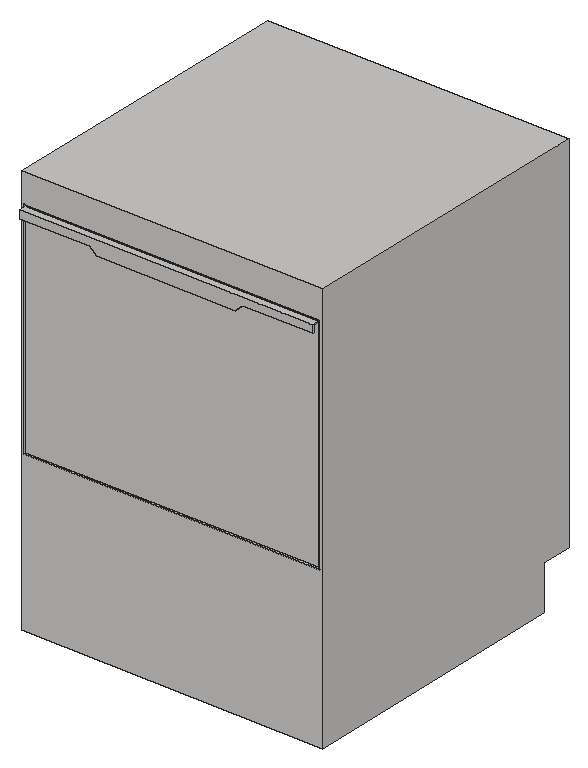
Revit family "QF_ELECTROLUXPROFESSIONAL_400209_ELA1W", category Specialty Equipment, Revit 2018
Family settings
  Round Connector Dimension = Use Diameter
  Part Type = Normal
  Work Plane-Based = No
  Always vertical = Yes
  Cut with Voids When Loaded = No
  Shared = No
  Room Calculation Point = No
Parameters
  Weight = 54.00 kg
  Watts = 0 W
  Volts = 0 V
  URL Manufacturer = ""
  URL = "http://professional.electrolux.com/"
  Steam Supply Size = 0 mm
  Steam Supply Minimum Pressure = 0.0 Pa
  Steam Supply Maximum Pressure = 0.0 Pa
  Steam Pounds per Hour = 0
  Show Logo [instance] = yes
  Show Clearance [instance] = yes
  Refrigeration Suction Line Size = 0 mm
  Refrigeration Liquid Line Size = 0 mm
  Refrigerant Compressor Remote = yes
  Manufacturer = ""
  Phase = 0
  Model = ""
  Length Actual = 600 mm  # constant formula
  Item Number = ""
  Hot Water Size = 0 mm
  Height Actual = 820 mm  # constant formula
  HP = "4.9 HP"
  Gas Size = 0 mm
  Gas KW = 0
  Gas Input Pressure = 0 W
  Direct Waste Size = 40 mm
  Description = ""
  Depth Actual = 648 mm  # constant formula
  Cycle = 0 Hz
  Condensate Return Size = 0 mm
  Compressed Air Volume = 0.0 L/s
  Compressed Air Size = 0 mm
  Compressed Air Pressure = 0.0 Pa
  Cold Water Size = 0 mm
  Accessory = yes
Types (2, lengths in mm): name | Volts | URL Manufacturer | URL | Manufacturer | Phase | Model | Item Number | Hot Water Size | Description | Cycle
  (no name) | 0 V | "" | "http://professional.electrolux.com/" | "" | 0 | "" | "" | 0 | "" | 0 Hz
  Standard | 230 V | "http://professional.electrolux.com" | "http://professional.electrolux.com" | "Electrolux Professional" | 1 | "ELA1W" | "400209" | 19.05 | "UNDERCOUNTER(L), WASH-SAFE, 1PH, WS, 540D/H" | 50 Hz
Reference planes
  plane 1 "Center (Front/Back)": y = 0
  plane 2: z = 0
  plane 3 "Center (Left/Right)": x = 0
  plane 4 "LEFT": x = -300
  plane 5 "RIGHT": x = 300
  plane 6 "FRONT": y = -306
  plane 7 "BACK": y = 306
  plane 8: x = -202.5
  plane 9: x = 202.5
  plane 10: z = 830
  plane 11: z = 10
Forms (mm)
  Extrusion 1, solid, material "QF_Finishes_Stainless Steel"
    sketch origin (0, 0, 0) x (1, 0, 0) y (0, 1, 0)
      loop
        line (-300, -306) -> (300, -306) -> (300, 245) -> (-300, 245) -> (-300, -306)
    from 10 to 830
  Extrusion 2, solid, material "QF_Finishes_Stainless Steel"
    sketch origin (0, 0, 0) x (1, 0, 0) y (0, 1, 0)
      loop
        line (-300, 245) -> (300, 245) -> (300, 306) -> (-300, 306) -> (-300, 245)
    from 100 to 830
  Extrusion 3, solid, material "QF_Finishes_Stainless Steel"
    sketch origin (0, 17.5, 0) x (1, 0, 0) y (0, 1, 0)
      loop
        circle (-254, 167.5) r 12.5
      loop
        circle (254, 167.5) r 12.5
      loop
        circle (-254, -263.5) r 12.5
      loop
        circle (254, -263.5) r 12.5
    from 0 to 10
  Extrusion 4, void
    sketch origin (-300, -306, 0) x (-1, 0, 0) y (0, 0, 1)
      loop
        line (-5, 773.217) -> (-595, 773.217) -> (-595, 327.335) -> (-5, 327.335) -> (-5, 773.217)
    from 0 to 30
  Extrusion 5, solid, material "QF_Finishes_Stainless Steel"
    sketch origin (-259, -389, 768) x (0, 0, -1) y (1, 0, 0)
      loop
        circle (693, 143) r 10
    from -634 to -695
  Extrusion 6, solid, material "QF_Door-Drawer Clearances", visible <- "Show Clearance", detail levels coarse
    sketch origin (-230, -282.5, 0) x (0, 1, 0) y (0, 0, -1)
      loop
        line (-23.5, -330.419) -> (-391.5, -330.419)
        arc (-391.5, -330.419) -> (-290.693, -619.855) -> (-23.5, -770) r 432.894
        line (-23.5, -770) -> (-23.5, -330.419)
    from 61.197 to -521.306
  Extrusion 7, solid, material "QF_Finishes_Stainless Steel"
    sketch origin (-315.481, -389, 738) x (0, 0, -1) y (1, 0, 0)
      loop
        circle (663, 252.481) r 8
    from -634 to -695
  Extrusion 8, solid, material "QF_Finishes_Stainless Steel"
    sketch origin (-230, -282.5, 0) x (0, 1, 0) y (0, 0, -1)
      loop
        line (-23.5, -330.419) -> (-23.5, -770) -> (1.5, -770) -> (1.5, -330.419) -> (-23.5, -330.419)
    from 61.197 to -521.306
  Extrusion 9, solid, material "QF_Finishes_Stainless Steel"
    sketch origin (-230, -297.5, 0) x (0, 1, 0) y (0, 0, -1)
      loop
        line (-8.5, -770) -> (-8.5, -767.514) -> (-21, -767.514) -> (-21, -741.25) -> (-23.5, -741.25) -> (-23.5, -770) -> (-8.5, -770)
    from 61.197 to -521.306
  Extrusion 10, void
    sketch origin (-230, -321, 770) x (0, 0, 1) y (1, 0, 0)
      loop
        line (-15.552, -61.197) -> (-15.552, 77.909) -> (-28.75, 91.107) -> (-28.75, -61.197) -> (-15.552, -61.197)
      loop
        line (-15.552, 521.197) -> (-28.75, 521.197) -> (-28.75, 368.893) -> (-15.552, 382.091) -> (-15.552, 521.197)
    from 0 to 2.5
  Extrusion 11, solid, material "QF_Finishes_Stainless Steel"
    sketch origin (-295.988, 885.897, 763.79) x (0, -1, 0) y (1, 0, 0)
      loop
        circle (611.5, 158) r 8
    from -663.79 to -673.79
Cuts and joins
  Extrusion 4 cuts Extrusion 1
  joined: Extrusion 1, Extrusion 2
  Extrusion 10 cuts Extrusion 8
  Extrusion 10 cuts Extrusion 9
Lines and regions (mm)
  Split face 1
    outline origin (-300, -306, 830) x (0, 0, -1) y (1, 0, 0)
      loop
        line (21.579, 283.75) -> (39.683, 283.75) -> (39.683, 316.25) -> (21.579, 316.25) -> (21.579, 283.75)
  Split face 2
    outline origin (-300, -306, 830) x (0, 0, -1) y (1, 0, 0)
      loop
        line (56.783, 595) -> (56.783, 600)
      loop
        arc (56.783, 412.5) -> (28.391, 440.891) -> (0, 412.5) r 28.391
  symbolic lines
    curve 1: line (-300, 306, 0) -> (300, 306, 0)
    curve 2: line (-300, -306, 0) -> (-300, 306, 0)
    curve 3: line (300, -306, 0) -> (-300, -306, 0)
    curve 4: line (300, 306, 0) -> (300, -306, 0)
    curve 9: line (-291.197, -306, 0) -> (-291.197, -321, 0)
    curve 10: line (291.306, -321, 0) -> (291.306, -306, 0)
    curve 11: line (-291.197, -321, 0) -> (291.306, -321, 0)
  symbolic lines, style "QF_Door-Drawer Clearances"
    curve 5: line (-291.197, -674, 0) -> (291.306, -674, 0)
    curve 6: line (291.306, -674, 0) -> (291.306, -306, 0)
    curve 7: line (-291.197, -674, 0) -> (-291.197, -306, 0)
  symbolic lines, style "SpecialityEquipmentHiddenLines"
    curve 8: line (-300, 245, 0) -> (300, 245, 0)
Dimensions and locks
  equal spacing: plane 4 "LEFT", plane 3 "Center (Left/Right)", plane 5 "RIGHT"
  equal spacing: plane 7 "BACK", plane 1 "Center (Front/Back)", plane 6 "FRONT"
  plane 7 "BACK" to plane 6 "FRONT" = 612 mm
  plane 4 "LEFT" to plane 5 "RIGHT" = 600 mm
  plane 4 "LEFT" to plane 8 = 97.5 mm
  plane 9 to plane 5 "RIGHT" = 97.5 mm
  plane 11 to level = 10 mm
  plane 4 "LEFT" to plane 3 "Center (Left/Right)" = 300 mm
  plane 10 to level = 830 mm  (x2)
  plane 8 to plane 9 = 405 mm
  Extrusion 11 sketch curve to plane 4 "LEFT" = 162.012 mm
  level to Extrusion 5 sketch curve = 75 mm
  Extrusion 5 sketch curve to plane 4 "LEFT" = 184 mm
  Extrusion 7 sketch curve to plane 4 "LEFT" = 237 mm
  level to Extrusion 7 sketch curve = 75 mm
  Extrusion 3 to cut or joined group of Extrusion 1, Extrusion 2, Extrusion 4 = 121 mm
  Extrusion 3 to Extrusion 3 = 431 mm
  plane 6 "FRONT" to Extrusion 3 = 60 mm
  plane 9 to plane 8 = 405 mm
  plane 7 "BACK" to curve 5 = 980 mm
  cut or joined group of Extrusion 1, Extrusion 2, Extrusion 4 to level = 327.335 mm
  aligned and locked: level to plane 2
  aligned and locked: Extrusion 1 sketch curve to plane 6 "FRONT"
  aligned and locked: Extrusion 1 sketch curve to plane 4 "LEFT"
  aligned and locked: plane 5 "RIGHT" to Extrusion 1 sketch curve
  aligned and locked: Extrusion 1 to plane 11
  aligned and locked: Extrusion 2 sketch curve to Extrusion 1
  aligned and locked: plane 5 "RIGHT" to Extrusion 2 sketch curve
  aligned and locked: plane 11 to Extrusion 3
  aligned and locked: cut or joined group of Extrusion 9, Extrusion 10 to Extrusion 10
Automatic sketch dimensions
  Extrusion 1 sketch curve to plane 7 "BACK" = 61 mm
  Extrusion 3 sketch curve to plane 8 = 51.5 mm  (x2)
  plane 9 to Extrusion 3 sketch curve = 51.5 mm  (x2)
  plane 6 "FRONT" to Extrusion 3 sketch curve = 60 mm  (x2)
  Extrusion 3 sketch curve to plane 7 "BACK" = 121 mm  (x2)
  Extrusion 4 sketch curve to Extrusion 1 = 5 mm  (x2)
  Extrusion 4 sketch curve to Extrusion 1 = 317.335 mm
  Extrusion 4 sketch curve to Extrusion 1 = 56.783 mm
  plane 6 "FRONT" to Extrusion 8 sketch curve = 0 mm
  Extrusion 8 sketch curve to Extrusion 8 sketch curve = 25 mm
  Extrusion 9 sketch curve to plane 6 "FRONT" = 15 mm
  Extrusion 9 sketch curve to Extrusion 9 sketch curve = 2.5 mm
  Extrusion 9 sketch curve to Extrusion 9 sketch curve = 12.5 mm
  Extrusion 9 sketch curve to plane 10 = 60 mm
  Extrusion 9 sketch curve to Extrusion 9 sketch curve = 2.486 mm
  Extrusion 9 sketch curve to Extrusion 9 sketch curve = 26.264 mm
  Extrusion 2 sketch curve to Extrusion 2 sketch curve = 61 mm
  Split face 1 sketch curve to cut or joined group of Extrusion 1, Extrusion 2, Extrusion 4 = 21.579 mm
  Split face 1 sketch curve to Split face 1 sketch curve = 18.104 mm
  Split face 1 sketch curve to cut or joined group of Extrusion 1, Extrusion 2, Extrusion 4 = 278.75 mm
  Split face 1 sketch curve to Split face 1 sketch curve = 32.5 mm
  plane 11 to Extrusion 8 sketch curve = 320.419 mm
  Extrusion 8 sketch curve to plane 10 = 60 mm
  Extrusion 10 sketch curve to Extrusion 9 = 0 mm  (x2)
  Extrusion 9 to Extrusion 10 sketch curve = 0 mm
  Extrusion 10 sketch curve to Extrusion 9 = 13.198 mm  (x2)
  Extrusion 10 sketch curve to Extrusion 9 = 139.107 mm
  Extrusion 10 sketch curve to Extrusion 10 sketch curve = 13.198 mm  (x2)
  Extrusion 10 sketch curve to Extrusion 9 = 152.413 mm
  Extrusion 10 sketch curve to Extrusion 9 = 0.109 mm
  curve 3 to plane 4 "LEFT" = 0 mm
  curve 7 to plane 6 "FRONT" = 0 mm
  curve 4 to plane 5 "RIGHT" = 0 mm
  curve 2 to plane 7 "BACK" = 0 mm
  plane 4 "LEFT" to curve 5 = 8.803 mm
  curve 5 to plane 5 "RIGHT" = 8.694 mm
  plane 4 "LEFT" to curve 11 = 8.803 mm
  curve 10 to plane 5 "RIGHT" = 8.694 mm
  curve 11 to plane 6 "FRONT" = 15 mm
  curve 8 to plane 7 "BACK" = 61 mm
  Extrusion 2 sketch curve to plane 7 "BACK" = 0 mm
  Split face 2 sketch curve to cut or joined group of Extrusion 1, Extrusion 2, Extrusion 4 = 0 mm  (x5)
  Split face 2 sketch curve to cut or joined group of Extrusion 1, Extrusion 2, Extrusion 4 = 182.5 mm
  Extrusion 11 sketch curve to plane 7 "BACK" = 31.603 mm
  Extrusion 6 sketch curve to plane 6 "FRONT" = 0 mm
  plane 6 "FRONT" to Extrusion 6 sketch curve = 64.74 mm
  plane 11 to Extrusion 6 sketch curve = 331.974 mm
  Extrusion 6 sketch curve to Extrusion 6 sketch curve = 11.555 mm
  Extrusion 6 sketch curve to plane 6 "FRONT" = 368 mm
  radius of Extrusion 5 sketch curve = 10 mm
  radius of Extrusion 7 sketch curve = 8 mm
  radius of Extrusion 3 sketch curve = 12.5 mm  (x4)
  radius of Extrusion 11 sketch curve = 8 mm
Connectors
  piping at (-116, 306, 75), diameter 20
    settings: on Extrusion 5, index 1, connector inside diameter 609.6 mm, connector length 0 mm, flow factor 0, pipe flow 0.0 L/s, pressure drop 0.0 Pa, fitting loss kfactor 0, connector angle 0.00°, fixture units 0, engagement length 0 mm, angle of deflection 0.00°, flow configuration 1, flow direction 1, fitting loss method 0, system type 16, joint type 0, gender type 0, connector reference index -1, connector utility 0, adjustable connector no, is connector primary yes, connector description "Drain"
  piping at (-63, 306, 75), diameter 16
    settings: on Extrusion 7, index 3, connector inside diameter 609.6 mm, connector length 0 mm, flow factor 0, pipe flow 0.0 L/s, pressure drop 0.0 Pa, fitting loss kfactor 0, connector angle 0.00°, fixture units 0, engagement length 0 mm, angle of deflection 0.00°, flow configuration 1, flow direction 1, fitting loss method 0, system type 20, joint type 0, gender type 0, connector reference index -1, connector utility 0, adjustable connector no, is connector primary no, connector description "Cold Water Inlet"
  electrical at (-137.988, 274.397, 90), driven by "Volts"
    settings: on Extrusion 11, index 4, voltage 0 V, apparent load 0 VA, apparent load phase1 0 VA, apparent load phase2 0 VA, apparent load phase3 0 VA, power factor 1, load classification "Altro", number of poles 1, system type 31, power factor state 1, is connector primary yes, connector utility no, sub classification motor no, connector description "Electrical Connection"
